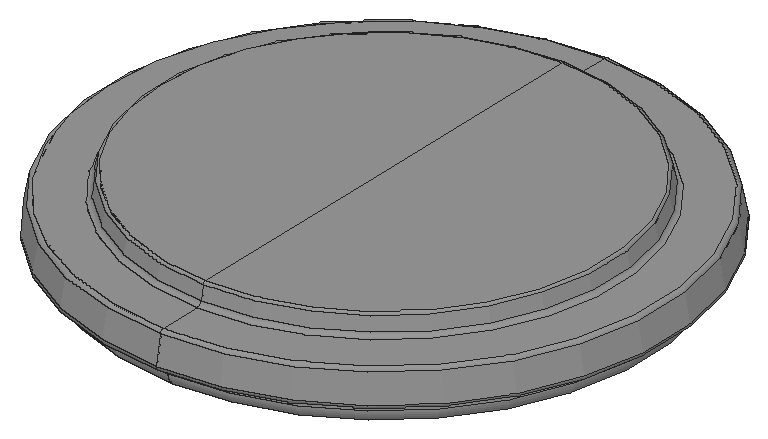
Revit family "FMK12_63_UN_Surface-mounted_ETK", category Lighting Fixtures, Revit 2017 (continued)
Definition of nested family "FMK.1 - Lightsource"
  Types (13, lengths in mm): name | Wattage Comments | Photometric Web File | built-in parameter 1150142 | Apparent Load
      \t396.567\t393.4076\t389.4614\t385.2324\t380.3628\r\n375.0971\t369.3074\t362.9584\t356.0822\t348.9057\t341.5547\t333.4658\t324.7233\t315.2043\t305.4599\r\n295.3979\t285.0138\t274.2949\t263.3441\t252.1436\t240.673\t229.1092\t216.7556\t203.6489\t190.6285\r\n177.6172\t164.6138\t151.9279\t138.069\t124.3573\t110.9691\t98.0454\t84.9215\t72.6465\t61.0698\r\n50.4112\t40.6936\t35.2704\t0\t0\t0\r\n405.3384\t404.7358\t403.6054\t401.6444\t399.3643\t396.5593\t393.314\t389.4309\t385.2102\t380.3495\r\n375.0755\t369.3024\t362.9627\t356.1346\t348.8119\t341.1533\t333.0509\t324.8191\t315.78\t306.215\r\n295.8199\t285.344\t274.4807\t263.3654\t252.0105\t240.3294\t228.4188\t216.2955\t204.1547\t190.9552\r\n177.6559\t164.3516\t151.1392\t138.0976\t124.9346\t111.112\t97.7813\t85.0908\t72.4995\t60.8236\r\n50.1998\t40.6227\t31.9768\t0\t0\t0\r\n405.3384\t404.7394\t403.6288\t401.6757\t399.3884\t396.5714\t393.3026\t389.3159\t385.1739\t380.3831\r\n375.0444\t369.2837\t362.956\t356.1295\t348.8706\t341.18\t332.9079\t324.3902\t315.4019\t306.3387\r\n296.4924\t286.1092\t274.9998\t263.7539\t252.2169\t240.3569\t228.2903\t215.9582\t203.4707\t190.8257\r\n178.1521\t164.6391\t151.0517\t137.6572\t124.4578\t111.6543\t98.0732\t84.9738\t72.5741\t60.6864\r\n50.0183\t40.4977\t31.9697\t4.8432\t0\t0\r\n405.3384\t404.7427\t403.6495\t401.7142\t399.4239\t396.6035\t393.3116\t389.2988\t385.0507\t380.3528\r\n375.0118\t369.216\t362.9424\t356.1024\t348.8405\t341.157\t332.9643\t324.4004\t315.2581\t305.8867\r\n296.1029\t285.938\t275.5954\t264.5683\t253.012\t240.8416\t228.6197\t216.12\t203.4137\t190.5511\r\n177.5394\t164.5113\t151.5042\t137.8415\t124.2858\t111.0124\t98.1587\t85.3964\t72.5721\t60.6586\r\n49.8431\t40.3398\t31.931\t24.5537\t0\t0\r\n405.3384\t404.7456\t403.6676\t401.9218\t399.4709\t396.6554\t393.3437\t389.317\t385.04\t380.243\r\n374.8993\t369.1788\t362.9127\t356.0814\t348.8285\t341.0552\t332.9667\t324.3861\t315.3329\t305.9127\r\n296.0531\t285.7481\t275.1336\t264.1996\t252.9355\t241.4903\t229.4495\t216.9446\t203.9312\t190.8555\r\n177.6361\t164.3347\t151.0106\t137.654\t124.597\t111.2218\t97.8665\t85.0744\t72.9905\t60.8587\r\n49.815\t40.1794\t31.9054\t24.5054\t0\t0\r\n405.3384\t404.7481\t403.6828\t401.9564\t399.6914\t396.7268\t393.4009\t389.3708\t385.0755\t380.2591\r\n374.9017\t369.0922\t362.8034\t355.9918\t348.805\t341.0277\t332.9542\t324.3714\t315.323\t305.9089\r\n296.0316\t285.7934\t275.1661\t264.1403\t252.8273\t241.0499\t229.0201\t216.7244\t204.2369\t191.596\r\n178.5079\t164.9396\t151.3939\t137.7973\t124.3337\t110.9506\t97.9162\t85.2011\t72.5165\t60.7879\r\n50.1751\t40.1846\t31.8501\t23.7681\t2.338\t0\r\n405.3384\t404.7502\t403.6952\t401.9835\t399.7343\t396.9809\t393.6545\t389.6213\t385.1579\t380.3298\r\n374.9735\t369.1608\t362.846\t356.0361\t348.7566\t340.9866\t332.8783\t324.3112\t315.2718\t305.9036\r\n296.0215\t285.8004\t275.1776\t264.1337\t252.8169\t241.0716\t228.9767\t216.6471\t204.0279\t191.1324\r\n178.1226\t164.8871\t151.6027\t138.2841\t125.113\t111.6596\t98.1698\t85.1028\t72.5249\t60.7088\r\n49.8427\t40.2477\t31.8931\t21.6048\t12.7168\t0\r\n405.3384\t404.7519\t403.7047\t402.0029\t399.7635\t397.03\t393.713\t389.7065\t385.4214\t380.5969\r\n375.2629\t369.475\t363.1447\t356.3663\t348.9144\t341.1566\t333.0078\t324.4526\t315.4033\t305.9527\r\n296.0665\t285.8226\t275.1844\t264.1482\t252.8009\t241.0835\t228.992\t216.6758\t204.0446\t191.1483\r\n178.0991\t164.8272\t151.446\t137.9974\t124.5467\t111.2577\t98.1105\t85.2503\t72.8411\t61.1518\r\n50.0901\t40.257\t31.8235\t18.932\t9.3489\t0\r\n405.3384\t404.7532\t403.7114\t402.0142\t399.7786\t397.0514\t393.739\t389.7475\t385.4637\t380.6413\r\n375.3272\t369.5568\t363.2361\t356.4824\t349.2137\t341.4886\t333.3185\t324.7975\t315.7614\t306.3155\r\n296.46\t286.2066\t275.5669\t264.5527\t253.1872\t241.5059\t229.4265\t217.1363\t204.5303\t191.6199\r\n178.5573\t165.3425\t151.9521\t138.4682\t125.0895\t111.6993\t98.5664\t85.5623\t73.0265\t61.1343\r\n50.1318\t40.4051\t31.9542\t21.7475\t6.5313\t5.115\r\n405.3384\t404.754\t403.7153\t402.0176\t399.7799\t397.0445\t393.7329\t389.7445\t385.4448\t380.6084\r\n375.2927\t369.5081\t363.1813\t356.4003\t348.9923\t341.2089\t333.0605\t324.4816\t315.4612\t305.9997\r\n296.1643\t285.8652\t275.2287\t264.2095\t252.8526\t241.1526\t229.101\t216.7417\t204.1781\t191.2242\r\n178.2221\t164.9153\t151.5534\t138.1498\t124.6539\t111.3162\t98.1603\t85.2342\t72.8561\t61.1128\r\n50.0588\t40.2091\t31.6937\t20.0166\t8.2012\t0\r\n405.3384\t404.7543\t403.7164\t402.013\t399.7671\t397.0096\t393.6945\t389.6977\t385.2046\t380.352\r\n375.0326\t369.2271\t362.9198\t356.1028\t348.9072\t341.0925\t332.98\t324.3798\t315.392\t305.9858\r\n296.2178\t285.8843\t275.26\t264.2624\t252.9154\t241.2093\t229.1994\t216.7906\t204.2527\t191.2919\r\n178.3227\t165.0516\t151.7425\t138.4595\t125.2028\t111.7417\t98.2552\t85.1615\t72.5973\t60.695\r\n49.8045\t40.1873\t31.7885\t21.7366\t11.2598\t0\r\n405.3384\t404.7542\t403.7146\t402.0006\t399.7406\t396.7678\t393.4611\t389.4878\t385.1447\t380.2959\r\n374.9894\t369.1909\t362.9156\t356.0932\t349.0203\t341.1855\t333.0998\t324.4896\t315.505\t306.0503\r\n296.2967\t285.9572\t275.331\t264.3672\t253.0197\t241.2839\t229.3045\t217.0032\t204.5011\t191.8693\r\n178.7706\t165.2052\t151.6675\t138.0714\t124.5282\t111.1465\t98.0318\t85.3325\t72.6503\t60.8256\r\n50.1888\t40.1684\t31.7403\t23.8387\t2.1341\t0\r\n405.3384\t404.7538\t403.7099\t401.9802\t399.5366\t396.7102\t393.425\t389.473\t385.1305\t380.2987\r\n375.0145\t369.3042\t363.0627\t356.2162\t349.106\t341.2551\t333.1682\t324.5601\t315.5632\t306.141\r\n296.3633\t286.0264\t275.4542\t264.555\t253.2624\t241.8449\t229.7806\t217.3072\t204.2808\t191.2288\r\n177.9866\t164.6878\t151.3619\t138.0114\t124.8764\t111.4955\t98.1121\t85.3017\t73.1816\t61.0006\r\n49.9354\t40.2492\t31.8581\t24.0616\t0\t0\r\n405.3384\t404.7529\t403.7024\t401.7855\t399.5057\t396.672\t393.4155\t389.4941\t385.1611\t380.4304\r\n375.1514\t369.3736\t363.1395\t356.2714\t349.1759\t341.3116\t333.2219\t324.6532\t315.5562\t306.2275\r\n296.4426\t286.3163\t276.0481\t265.0023\t253.4229\t241.2876\t229.0238\t216.5536\t203.8543\t191.005\r\n177.9846\t164.9422\t151.916\t138.291\t124.7136\t111.4068\t98.5597\t85.7613\t72.9154\t60.9832\r\n50.0561\t40.469\t32.0115\t24.4608\t0\t0\r\n405.3384\t404.7516\t403.6921\t401.7609\t399.4864\t396.6542\t393.4316\t389.5502\t385.2972\t380.4985\r\n375.2108\t369.4721\t363.1917\t356.3183\t349.193\t341.3957\t333.2365\t324.7362\t315.7989\t306.7788\r\n296.9084\t286.5675\t275.5271\t264.2722\t252.7027\t240.881\t228.7997\t216.5107\t204.0057\t191.4\r\n178.6746\t165.1736\t151.62\t138.2129\t125.0328\t112.2055\t98.6188\t85.54\t73.0956\t61.0986\r\n50.3019\t40.733\t32.2345\t4.8967\t0\t0\r\n405.3384\t404.75\t403.6788\t401.7433\t399.4783\t396.6572\t393.4722\t389.7044\t385.3553\t380.5675\r\n375.2574\t369.5435\t363.2413\t356.3845\t349.1744\t341.4877\t333.4438\t325.2596\t316.2784\t306.7217\r\n296.3214\t285.8791\t275.0611\t263.9604\t252.5538\t240.9175\t229.0191\t216.9459\t204.7661\t191.62\r\n178.311\t165.0395\t151.8279\t138.8308\t125.6546\t111.8365\t98.5513\t85.8398\t73.1455\t61.3695\r\n50.6583\t41.0273\t32.3467\t0\t0\t0\r\n405.3384\t404.7481\t403.4984\t401.7323\t399.4809\t396.6816\t393.6002\t389.7628\t385.3879\t380.6249\r\n375.3103\t369.6017\t363.2788\t356.4193\t349.3183\t342.0005\t333.9181\t325.234\t315.723\t306.0027\r\n295.9581\t285.6313\t274.9371\t264.0009\t252.7885\t241.3531\t229.8173\t217.4635\t204.4063\t191.4145\r\n178.427\t165.4423\t152.7479\t138.9494\t125.2565\t111.8804\t98.9846\t85.7966\t73.4077\t61.7586\r\n51.0678\t41.3029\t35.9314\t0\t0\t0\r\n405.3384\t404.7459\t403.4868\t401.7275\t399.4939\t396.8049\t393.6964\t389.8271\t385.4477\t380.6827\r\n375.3624\t369.5737\t363.2853\t356.625\t349.7894\t342.1135\t333.759\t324.599\t315.3556\t305.743\r\n295.8442\t285.6417\t275.1541\t264.3786\t253.3631\t242.055\t229.5599\t217.0052\t204.3824\t191.6906\r\n178.9998\t166.3228\t152.4157\t138.7896\t125.4113\t112.3666\t98.8823\t86.0884\t73.8385\t62.2076\r\n51.4507\t41.5049\t9.2672\t0\t0\t0\r\n405.3384\t404.7435\t403.478\t401.7288\t399.5168\t396.8915\t393.7354\t389.8846\t385.51\t380.7375\r\n375.3452\t369.6573\t363.4574\t357.1354\t349.7768\t341.6159\t333.1585\t324.3199\t315.1808\t305.7265\r\n295.9778\t285.8984\t275.6341\t265.1894\t253.7973\t241.5638\t229.4041\t217.1091\t204.7446\t192.3795\r\n179.7114\t165.8581\t152.3268\t139.0102\t125.9366\t112.2715\t99.1358\t86.5458\t74.2047\t62.612\r\n51.7507\t41.5902\t0\t0\t0\t0\r\n405.3384\t404.741\t403.4718\t401.7355\t399.6011\t396.9432\t393.7681\t389.932\t385.5756\t380.7897\r\n375.443\t369.7964\t363.9098\t357.1325\t349.266\t341.3026\t332.9179\t324.2017\t315.1981\t305.9037\r\n296.2962\t286.4176\t276.3927\t264.9598\t253.3075\t241.5117\t229.5688\t217.5503\t205.6807\t192.889\r\n179.2192\t165.8323\t152.6025\t139.6031\t125.8415\t112.4783\t99.6521\t86.8233\t74.5452\t62.9366\r\n51.9651\t45.2945\t0\t0\t0\t0\r\n405.3384\t404.7384\t403.468\t401.7035\t399.6374\t396.995\t393.7953\t389.976\t385.6432\t380.7904\r\n375.5949\t370.2269\t363.9316\t356.6257\t349.0084\t341.1154\t332.8331\t324.2647\t315.4008\t306.248\r\n296.8025\t287.1037\t276.0069\t264.7758\t253.2929\t241.7441\t230.0366\t218.4803\t205.6712\t192.4158\r\n179.2213\t166.1495\t153.2387\t139.4918\t125.9849\t112.9057\t99.9291\t87.1192\t74.8871\t63.2173\r\n52.1109\t27.9746\t0\t0\t0\t0\r\n405.3384\t404.7356\t403.4661\t401.721\t399.6762\t397.0462\t393.8176\t390.0145\t385.6532\t380.9042\r\n376.0431\t370.2884\t363.5098\t356.3413\t348.8597\t341.046\t332.9079\t324.5096\t315.7699\t306.7777\r\n297.4737\t286.6989\t275.8167\t264.7874\t253.5532\t242.2253\t231.0102\t218.411\t205.3993\t192.4497\r\n179.5316\t166.8\t153.159\t139.579\t126.3414\t113.3926\t100.1751\t87.4289\t75.1955\t63.4659\r\n52.2017\t0\t0\t0\t0\t0\r\n405.3384\t404.733\t403.4662\t401.7455\t399.7183\t397.0964\t393.8361\t390.0426\t385.7336\t381.0623\r\n376.1774\t370.1947\t363.2695\t356.1775\t348.8218\t341.077\t333.1051\t324.8433\t316.2831\t307.407\r\n297.0552\t286.507\t275.8559\t265.0142\t254.068\t243.1527\t230.9509\t218.1938\t205.4481\t192.7251\r\n180.2403\t166.8035\t153.224\t139.9046\t126.9133\t113.5219\t100.4126\t87.721\t75.5131\t63.7099\r\n57.0316\t0\t0\t0\t0\t0\r\n405.3384\t404.5716\t403.4386\t401.8549\t399.7644\t397.1477\t393.8153\t390.002\t385.8374\t381.4986\r\n376.1612\t369.7301\t363.0994\t356.1235\t348.8626\t341.2479\t333.4258\t325.2712\t316.9727\t307.0391\r\n296.8833\t286.5553\t276.0726\t265.4683\t254.9632\t243.4246\t230.701\t218.2156\t205.734\t193.2729\r\n180.506\t166.8251\t153.4668\t140.3769\t127.1788\t113.733\t100.6865\t88.0472\t75.8087\t63.919\r\n43.4528\t0\t0\t0\t0\t0\r\n405.3384\t404.5695\t403.4417\t401.8908\t399.8151\t397.1871\t393.8464\t390.0614\t385.9622\t381.6097\r\n376.0288\t369.5594\t362.993\t356.1449\t348.9704\t341.541\t333.8527\t326.0241\t316.6929\t306.8713\r\n296.8954\t286.7633\t276.4678\t266.0998\t255.327\t242.9729\t230.7031\t218.4384\t206.1859\t193.9199\r\n180.3346\t166.9807\t153.8693\t140.944\t127.3398\t114.0243\t101.0379\t88.3884\t76.1048\t64.1488\r\n6.9749\t0\t0\t0\t0\t0\r\n405.3384\t404.5686\t403.4473\t401.9294\t399.8708\t397.2314\t393.888\t390.1481\t386.3292\t381.6146\r\n375.6081\t369.4572\t362.9708\t356.227\t349.1889\t341.9177\t334.6149\t326.1454\t316.446\t306.8487\r\n297.0678\t287.1294\t277.0477\t266.8305\t254.9174\t242.9076\t230.8971\t218.8564\t206.9584\t193.7008\r\n180.4704\t167.3299\t154.3451\t141.0443\t127.5319\t114.3124\t101.4067\t88.7971\t76.469\t71.0786\r\n0\t0\t0\t0\t0\t0\r\n405.3384\t404.569\t403.4551\t401.9709\t399.9722\t397.2767\t393.8644\t390.2693\t386.4315\t381.5224\r\n375.4757\t369.3969\t363.0172\t356.385\t349.5164\t342.3709\t334.9069\t325.7199\t316.401\t306.979\r\n297.3492\t287.6224\t277.9395\t266.5253\t254.8042\t243.0641\t231.2325\t219.4481\t206.9163\t193.7663\r\n180.6898\t167.7888\t154.9305\t141.1807\t127.788\t114.6467\t101.7684\t89.1631\t76.8256\t62.9035\r\n0\t0\t0\t0\t0\t0\r\n405.3384\t404.5705\t403.4652\t402.0157\t400.0296\t397.3244\t393.9524\t390.3898\t386.4749\t381.113\r\n375.39\t369.382\t363.1266\t356.6158\t349.8921\t343.0771\t334.5968\t325.6122\t316.4672\t307.1637\r\n297.7815\t288.4949\t278.1045\t266.4097\t254.8889\t243.3295\t231.7654\t220.041\t206.912\t193.9248\r\n181.0884\t168.4498\t154.9864\t141.4211\t128.0925\t114.9955\t102.1644\t89.5728\t77.2034\t43.5306\r\n0\t0\t0\t0\t0\t0\r\n405.3384\t404.5732\t403.4775\t402.0644\t400.0795\t397.3766\t394.0366\t390.7644\t386.4775\t380.975\r\n375.3478\t369.4303\t363.2985\t356.906\t350.3047\t343.2698\t334.4485\t325.6355\t316.6363\t307.5138\r\n298.2746\t288.9228\t277.7118\t266.4225\t255.1174\t243.7588\t232.5514\t219.9024\t207.0118\t194.237\r\n181.5343\t168.8621\t155.1371\t141.6853\t128.4567\t115.4149\t102.6013\t89.9956\t77.5994\t6.1612\r\n0\t0\t0\t0\t0\t0\r\n405.3384\t404.605\t403.4921\t402.1706\t400.1256\t397.4349\t394.1374\t390.8498\t386.4029\t380.8564\r\n375.3437\t369.5284\t363.5073\t357.2499\t350.9824\t342.9428\t334.3995\t325.7395\t316.8926\t307.9367\r\n299.1107\t288.6921\t277.6635\t266.5801\t255.4385\t244.3047\t232.8477\t219.9489\t207.2573\t194.6292\r\n182.2468\t168.8709\t155.3197\t141.9922\t128.8173\t115.8454\t103.0693\t90.4482\t83.823\t0\r\n0\t0\t0\t0\t0\t0\r\n405.3384\t404.6092\t403.5089\t402.2202\t400.1649\t397.5054\t394.2569\t390.9141\t386.0396\t380.7981\r\n375.3806\t369.6687\t363.7508\t357.6622\t351.1724\t342.8014\t334.443\t325.8965\t317.2661\t308.4567\r\n299.4568\t288.5546\t277.7444\t266.8384\t255.8901\t245.0273\t232.652\t220.0806\t207.5676\t195.1229\r\n182.656\t169.0149\t155.5887\t142.3178\t129.2005\t116.2829\t103.5207\t90.9268\t73.3602\t0\r\n0\t0\t0\t0\t0\t0\r\n405.3384\t404.614\t403.5281\t402.2649\t400.1971\t397.5179\t394.3957\t390.9455\t385.9448\t380.7925\r\n375.4413\t369.8494\t364.0508\t358.3505\t351.161\t342.7657\t334.5401\t326.1385\t317.6475\t309.3183\r\n299.1891\t288.5712\t277.89\t267.2003\t256.4247\t245.3251\t232.6711\t220.2807\t207.9213\t195.8312\r\n182.7021\t169.2073\t155.8647\t142.6715\t129.6369\t116.7502\t103.9952\t91.3868\t55.3711\t0\r\n0\t0\t0\t0\t0\t0\r\n405.3384\t404.6195\t403.5495\t402.3045\t400.1849\t397.5978\t394.5611\t390.9396\t385.8781\t380.8033\r\n375.5216\t370.0613\t364.3857\t358.5968\t350.8049\t342.7895\t334.6808\t326.4772\t318.1163\t309.6303\r\n299.1657\t288.6692\t278.1592\t267.6065\t257.2226\t245.1417\t232.8538\t220.5787\t208.3699\t196.2276\r\n182.7779\t169.4445\t156.1917\t143.0507\t130.0526\t117.1893\t104.4737\t91.888\t14.9821\t0\r\n0\t0\t0\t0\t0\t0\r\n405.3384\t404.6254\t403.6469\t402.3383\t400.2215\t397.6657\t394.9951\t390.922\t385.84\t380.8256\r\n375.6462\t370.3021\t364.75\t358.7051\t350.7659\t342.8768\t334.8803\t326.8245\t318.9273\t309.6814\r\n299.1757\t288.8703\t278.4899\t268.1142\t257.5065\t245.2123\t233.0786\t220.9546\t208.9027\t196.5301\r\n182.9565\t169.6559\t156.4872\t143.4595\t130.5097\t117.6817\t104.9699\t100.108\t0.6502\t0\r\n0\t0\t0\t0\t0\t0\r\n405.3384\t404.6318\t403.6785\t402.3663\t400.2653\t397.732\t395.2235\t390.6501\t385.8302\t380.8791\r\n375.8045\t370.5591\t365.4\t358.3926\t350.7621\t343.0161\t335.1646\t327.2095\t319.3184\t309.3844\r\n299.2447\t289.0934\t278.9038\t268.8799\t257.3545\t245.3439\t233.3422\t221.3813\t209.5947\t196.4708\r\n183.1827\t169.9774\t156.8633\t143.857\t130.9408\t118.1517\t105.4613\t92.7841\t0\t0\r\n0\t0\t0\t0\t0\t0\r\n405.3384\t404.6385\t403.7052\t402.3881\t400.3166\t397.7952\t395.3429\t390.6457\t385.8372\t380.9677\r\n375.9682\t370.8385\t365.6602\t358.3552\t350.8047\t343.1988\t335.4588\t327.6657\t319.4853\t309.4034\r\n299.4263\t289.3714\t279.3274\t269.2917\t257.4272\t245.5406\t233.6779\t221.8454\t209.9683\t196.6268\r\n183.419\t170.2891\t157.2574\t144.3065\t131.442\t118.6656\t105.9935\t80.5222\t0\t0\r\n0\t0\t0\t0\t0\t0\r\n405.3384\t404.6457\t403.7326\t402.3665\t400.4161\t397.857\t395.396\t390.6723\t385.8834\t381.0767\r\n376.1402\t371.1325\t365.8072\t358.3418\t350.9131\t343.3865\t335.8213\t328.3888\t319.2622\t309.4538\r\n299.6286\t289.7446\t279.8181\t269.489\t257.5447\t245.7949\t234.0481\t222.3431\t210.2072\t196.8266\r\n183.6843\t170.6331\t157.653\t144.7457\t131.9283\t119.1863\t106.5168\t64.2232\t0\t0\r\n0\t0\t0\t0\t0\t0\r\n405.3384\t404.653\t403.7604\t402.3925\t400.4719\t397.9008\t395.3299\t390.7762\t385.9545\t381.2013\r\n376.3717\t371.4185\t365.8707\t358.3762\t351.0464\t343.6475\t336.1597\t328.7689\t319.2512\t309.5955\r\n299.8696\t290.1313\t280.5664\t269.3554\t257.7081\t246.0696\t234.4691\t223.0433\t210.1501\t197.0336\r\n183.9883\t170.9859\t158.0592\t145.1996\t132.404\t119.6892\t118.4422\t23.1728\t0\t0\r\n0\t0\t0\t0\t0\t0\r\n405.3384\t404.6607\t403.7887\t402.4189\t400.5194\t397.9841\t395.3017\t390.8021\t386.0595\t381.3509\r\n376.609\t372.0059\t365.5606\t358.4337\t351.2047\t343.9111\t336.5735\t328.9592\t319.3349\t309.7464\r\n300.1592\t290.5524\t280.9613\t269.4605\t257.9307\t246.4161\t234.914\t223.4171\t210.3211\t197.2897\r\n184.2922\t171.347\t158.483\t145.6681\t132.9075\t120.2165\t117.0674\t9.6552\t0\t0\r\n0\t0\t0\t0\t0\t0\r\n405.3384\t404.6686\t403.8173\t402.4487\t400.4786\t398.0829\t395.2688\t390.7871\t386.236\t381.5158\r\n376.8425\t372.2831\t365.5322\t358.5043\t351.3888\t344.1966\t336.967\t329.1152\t319.3903\t309.9762\r\n300.4823\t290.9786\t281.208\t269.6236\t258.201\t246.7695\t235.373\t223.7185\t210.5437\t197.5625\r\n184.62\t171.7433\t158.9199\t146.1384\t133.4045\t120.7201\t112.4944\t0\t0\t0\r\n0\t0\t0\t0\t0\t0\r\n405.3384\t404.6766\t403.8462\t402.4819\t400.4915\t398.4796\t395.2303\t390.7186\t386.3508\t381.7085\r\n377.0908\t372.472\t365.5842\t358.5935\t351.5911\t344.5067\t337.626\t328.8535\t319.5738\t310.1918\r\n300.8214\t291.4589\t281.3564\t269.774\t258.4546\t247.1517\t236.0692\t223.714\t210.7672\t197.8524\r\n184.9795\t172.1582\t159.3682\t146.6102\t133.9159\t121.2568\t105.4062\t0\t0\t0\r\n0\t0\t0\t0\t0\t0\r\n405.3384\t404.6848\t403.8753\t402.5301\t400.5307\t398.583\t395.2103\t390.7119\t386.3893\t381.9396\r\n377.3461\t372.6104\t365.6471\t358.7464\t351.8034\t344.8396\t337.9433\t328.9321\t319.7183\t310.4987\r\n301.2264\t292.1181\t281.2334\t270.0005\t258.7428\t247.5101\t236.4684\t223.8595\t211.0006\t198.1587\r\n185.3479\t172.5544\t159.8035\t147.094\t134.4184\t121.7849\t96.4328\t0\t0\t0\r\n0\t0\t0\t0\t0\t0\r\n405.3384\t404.6931\t403.9067\t402.5674\t400.5765\t398.6722\t394.9664\t390.7235\t386.4539\t382.113\r\n377.6242\t372.7081\t365.7225\t358.9132\t352.048\t345.1659\t338.1961\t329.0359\t319.9072\t310.7682\r\n301.6096\t292.51
      31\t281.4098\t270.2271\t259.073\t247.9351\t236.8476\t224.0483\t211.2287\t198.4476\r\n185.6936\t172.9579\t160.2642\t147.5784\t134.9349\t122.3252\t86.1454\t0\t0\t0\r\n0\t0\t0\t0\t0\t0\r\n405.3384\t404.7013\t403.9355\t402.6047\t400.6279\t398.7442\t394.9797\t390.7624\t386.5296\t382.2487\r\n377.8767\t372.7829\t365.8114\t359.0821\t352.3163\t345.4969\t338.3782\t329.1822\t320.1148\t311.0453\r\n301.9788\t292.7783\t281.6012\t270.5091\t259.4318\t248.3563\t237.1582\t224.2779\t211.525\t198.7849\r\n186.0555\t173.3757\t160.7092\t148.07\t135.4623\t122.8612\t75.0755\t0\t0\t0\r\n0\t0\t0\t0\t0\t0\r\n405.3384\t404.7096\t403.9642\t402.6417\t400.696\t398.8169\t394.9997\t390.8276\t386.6209\t382.4\r\n378.4045\t372.5543\t365.9079\t359.2494\t352.5682\t345.8699\t338.5647\t329.3189\t320.3594\t311.3938\r\n302.3891\t292.9835\t281.7699\t270.7837\t259.7753\t248.7659\t237.4402\t224.5309\t211.8182\t199.1223\r\n186.4527\t173.7952\t161.1646\t148.546\t135.9422\t136.5574\t36.2712\t0\t0\t0\r\n0\t0\t0\t0\t0\t0\r\n405.3384\t404.7178\t403.9929\t402.6782\t400.7519\t398.8854\t395.026\t390.892\t386.7324\t382.5558\r\n378.6203\t372.6325\t366.0305\t359.4259\t352.8102\t346.4602\t338.6937\t329.5211\t320.6143\t311.6861\r\n302.7765\t293.2351\t282.0305\t271.0823\t260.1226\t249.1874\t237.6911\t224.7942\t212.1326\t199.4867\r\n186.8497\t174.2259\t161.627\t149.0287\t136.4442\t136.3962\t26.9716\t0\t0\t0\r\n0\t0\t0\t0\t0\t0\r\n405.3384\t404.6914\t404.0217\t402.7091\t400.8043\t398.9593\t395.0594\t390.9615\t386.8432\t382.7092\r\n378.801\t372.7103\t366.1644\t359.6071\t353.0451\t346.7466\t338.5155\t329.6953\t320.856\t312.0088\r\n303.4086\t293.141\t282.2549\t271.3663\t260.4867\t249.8243\t237.7137\t225.078\t212.4489\t199.8329\r\n187.2298\t174.6407\t162.0656\t149.4977\t136.955\t135.4145\t19.5256\t0\t0\t0\r\n0\t0\t0\t0\t0\t0\r\n405.3384\t404.7005\t404.0507\t402.746\t400.8525\t399.0149\t395.1063\t391.0352\t386.9537\t382.8571\r\n378.9473\t372.7817\t366.3088\t359.7982\t353.2745\t346.9636\t338.607\t329.856\t321.0835\t312.3124\r\n303.7495\t293.3407\t282.511\t271.6734\t260.8498\t250.2149\t237.9693\t225.3524\t212.7549\t200.1806\r\n187.6084\t175.0519\t162.4906\t149.9475\t137.4166\t133.8797\t13.6311\t0\t0\t0\r\n0\t0\t0\t0\t0\t0\r\n405.3384\t404.7108\t404.0796\t402.7843\t400.8877\t399.06\t395.1456\t391.1188\t387.0668\t382.9967\r\n379.0731\t372.8602\t366.4344\t359.992\t353.5293\t347.231\t338.7751\t330.037\t321.3186\t312.5878\r\n304.0399\t293.5366\t282.7541\t271.985\t261.2033\t250.5727\t238.235\t225.6682\t213.1063\t200.5484\r\n187.9915\t175.44\t162.9051\t150.3796\t137.8499\t132.1112\t9.049\t0\t0\t0\r\n0\t0\t0\t0\t0\t0\r\n405.3384\t404.7219\t404.1089\t402.8238\t400.9307\t399.0883\t395.1801\t391.1927\t387.1857\t383.169\r\n379.2169\t372.9472\t366.5494\t360.1591\t353.7665\t347.4796\t338.9588\t330.2784\t321.6039\t312.9326\r\n304.37\t293.7905\t283.028\t272.2877\t261.5559\t250.9361\t238.5243\t225.9828\t213.451\t200.9164\r\n188.3884\t175.864\t163.3455\t150.8322\t138.3259\t130.4379\t5.5781\t0\t0\t0\r\n0\t0\t0\t0\t0\t0\r\n405.3384\t404.7342\t404.1351\t402.865\t400.9737\t399.12\t395.2037\t391.2563\t387.2891\t383.3216\r\n379.3873\t373.0758\t366.7069\t360.3353\t353.9603\t347.6673\t339.1189\t330.4846\t321.8502\t313.2065\r\n304.6365\t294.0074\t283.3053\t272.5923\t261.8888\t251.2466\t238.8042\t226.288\t213.7758\t201.2543\r\n188.7472\t176.2444\t163.7419\t151.2436\t138.7407\t128.9732\t3.0455\t0\t0\t0\r\n0\t0\t0\t0\t0\t0\r\n405.3384\t404.7473\t404.1652\t402.9077\t401.0164\t399.1498\t395.2384\t391.3183\t387.3793\t383.4461\r\n379.5207\t373.2102\t366.8716\t360.5312\t354.1897\t347.8811\t339.3172\t330.7163\t322.1136\t313.5188\r\n304.9383\t294.2817\t283.5867\t272.897\t262.2085\t251.5646\t239.0978\t226.5986\t214.1015\t201.6074\r\n189.1137\t176.6257\t164.1331\t151.6523\t139.1633\t127.9276\t1.3255\t0\t0\t0\r\n0\t0\t0\t0\t0\t0\r\n405.3384\t404.7615\t404.1956\t402.9517\t401.0448\t399.145\t395.2486\t391.3511\t387.4664\t383.5602\r\n379.6494\t373.3451\t367.0309\t360.7181\t354.3931\t348.0876\t339.524\t330.9519\t322.3792\t313.8076\r\n305.2448\t294.5755\t283.8944\t273.2262\t262.5489\t251.8832\t239.4077\t226.9344\t214.4518\t201.9798\r\n189.4978\t177.0255\t164.5446\t152.064\t139.5954\t127.4356\t0.3276\t0\t0\t0\r\n0\t0\t0\t0\t0\t0" | 12 VA
